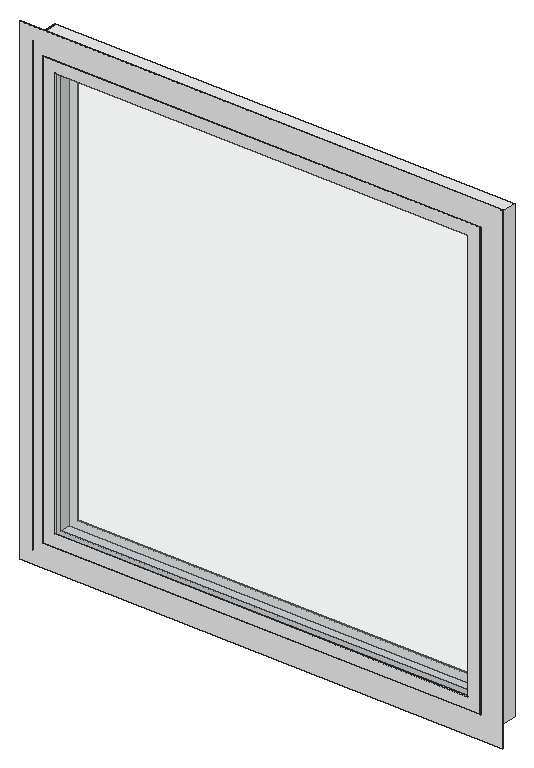
Revit family "Casement_28_A_Top_Hung_Standard", category Windows, host Wall, Revit 2014
Parameters (values of type "Casement_Sash_DG")
  Width Sash [instance] = 30 mm
  Width Sash Inner = 15 mm
  Width Bead = 15 mm
  Top Hung [instance] = yes
  Side Hung Right [instance] = yes
  Side Hung Left [instance] = yes
  Sash Opening Width [instance] = 600 mm
  Sash Opening Height [instance] = 600.312 mm
  Sash Lip = 15 mm
  Glazing Material [instance] = Glass
  DG Start Piece 2 [instance] = DG End Piece 1 + DG Gasket Thickness  # 25 mm
  DG Start Peice 1 [instance] = (Depth Sash - (2 * DG Glazing Thickness) - DG Gasket Thickness) / 2  # 6.6 mm
  Glazing Offset = 5 mm
  DG Glazing Thickness [instance] = 6.4 mm
  DG Gasket Thickness = 12 mm  # constant formula
  DG Gasket Material [instance] = none
  DG End Piece 2 [instance] = DG Start Piece 2 + DG Glazing Thickness  # 31.4 mm
  DG End Piece 1 [instance] = DG Start Peice 1 + DG Glazing Thickness  # 13 mm
  Depth Sash [instance] = 38 mm
  Center Vertical Sash [instance] = Sash Opening Height / 2  # 300.156 mm
  Center Horizontal Sash [instance] = Sash Opening Width / 2  # 300 mm
  Bottom Hung [instance] = yes
  Bead Offset = 15 mm
  Aluminium Thickness = 1 mm
  Aluminium Material [instance] = White Powder Coated Aluminium
Reference planes
  plane 1 "Center (Front/Back)": y = 0
  plane 2: z = 0
  plane 3 "Center (Left/Right)": x = 0
Forms (mm)
  Sweep 1, solid, material "White Powder Coated Aluminium" <- "Aluminium Material"
    path origin (16.177, 0, 121.331) x (1, 0, 0) y (0, 0, 1)
      loop
        line (0, 0) -> (600, 0) -> (600, 600.312) -> (0, 600.312) -> (0, 0)
    profile origin (316.177, 0, 121.331) x (0, 0, 1) y (0, -1, 0)
      loop
        line (0, 0) -> (30, 0) -> (30, 1) -> (15, 1) -> (15, 38) -> (-15, 38) -> (-15, 37) -> (0, 37) -> (0, 0)
      loop
        line (14, 1) -> (14, 37) -> (1, 37) -> (1, 1) -> (14, 1)
  Sweep 2, solid, material "White Powder Coated Aluminium" <- "Aluminium Material"
    path origin (0, 0, 0) x (1, 0, 0) y (0, 0, 1)
      loop
        line (31.177, 706.643) -> (31.177, 136.331) -> (601.177, 136.331) -> (601.177, 706.643) -> (31.177, 706.643)
    profile origin (316.177, 0, 706.643) x (0, 0, 1) y (0, -1, 0)
      loop
        line (0, 37) -> (0, 38) -> (-15, 38) -> (-15, 37) -> (0, 37)
  Extrusion 3, solid, material "Glass" <- "Glazing Material"
    sketch origin (0, 0, 0) x (1, 0, 0) y (0, 0, 1)
      loop
        line (36.177, 701.643) -> (36.177, 141.331) -> (596.177, 141.331) -> (596.177, 701.643) -> (36.177, 701.643)
    from 6.6 <- "DG Start Peice 1" to 13 <- "DG End Piece 1"
  Extrusion 4, solid, material "Glass" <- "Glazing Material"
    sketch origin (0, 0, 0) x (1, 0, 0) y (0, 0, 1)
      loop
        line (36.177, 701.643) -> (36.177, 141.331) -> (596.177, 141.331) -> (596.177, 701.643) -> (36.177, 701.643)
    from 31.4 <- "DG End Piece 2" to 25 <- "DG Start Piece 2"
  Sweep 5, solid, material <- "DG Gasket Material"
    path origin (0, -13, 0) x (1, 0, 0) y (0, 0, 1)
      loop
        line (36.177, 701.643) -> (36.177, 141.331) -> (596.177, 141.331) -> (596.177, 701.643) -> (36.177, 701.643)
    profile origin (316.177, -13, 701.643) x (0, 0, 1) y (0, -1, 0)
      loop
        line (0, 0) -> (0, 12) -> (-7.96, 12) -> (-7.96, 0) -> (0, 0)
Lines and regions (mm)
  model lines
    curve 1: line (1.177, -38, 736.643) -> (31.177, -38, 706.643)
    curve 2: line (601.177, -38, 706.643) -> (631.177, -38, 736.643)
    curve 3: line (601.177, -38, 136.331) -> (631.177, -38, 106.331)
    curve 4: line (1.177, -38, 106.331) -> (31.177, -38, 136.331)
    curve 5: line (631.177, -37, 736.643) -> (616.177, -37, 721.643)
    curve 6: line (1.177, -37, 736.643) -> (16.177, -37, 721.643)
    curve 7: line (1.177, -37, 106.331) -> (16.177, -37, 121.331)
    curve 8: line (631.177, -37, 106.331) -> (616.177, -37, 121.331)
    curve 9: line (616.177, 0, 121.331) -> (586.177, 0, 151.331)
    curve 10: line (46.177, 0, 151.331) -> (16.177, 0, 121.331)
    curve 11: line (616.177, 0, 721.643) -> (586.177, 0, 691.643)
    curve 12: line (46.177, 0, 691.643) -> (16.177, 0, 721.643)
    curve 13: line (31.177, -38, 691.643) -> (46.177, -38, 691.643)
    curve 14: line (586.177, -38, 691.643) -> (601.177, -38, 691.643)
    curve 15: line (586.177, -38, 151.331) -> (601.177, -38, 151.331)
    curve 16: line (31.177, -38, 151.331) -> (46.177, -38, 151.331)
  model lines, style "GenericModelHiddenLines", visible <- "Top Hung"
    curve 17: line (46.386, -31.4, 690.914) -> (316.177, -31.4, 151.331)
    curve 18: line (316.177, -31.4, 151.331) -> (586.177, -31.4, 691.331)
  model lines, style "GenericModelHiddenLines", visible <- "Bottom Hung"
    curve 19: line (46.177, -31.4, 151.331) -> (316.177, -31.4, 691.331)
    curve 20: line (316.177, -31.4, 691.331) -> (586.177, -31.4, 151.331)
  model lines, style "GenericModelHiddenLines", visible <- "Side Hung Left"
    curve 21: line (46.386, -31.4, 690.914) -> (585.24, -31.4, 421.487)
    curve 22: line (585.24, -31.4, 421.487) -> (46.177, -31.4, 151.331)
  model lines, style "GenericModelHiddenLines", visible <- "Side Hung Right"
    curve 23: line (586.177, -31.4, 691.331) -> (46.177, -31.4, 421.487)
    curve 24: line (46.177, -31.4, 421.487) -> (586.177, -31.4, 151.331)
Dimensions and locks
  "Aluminium Thickness": Sweep 1 sketch curve to Sweep 1 sketch curve  (x4)
  "Depth Sash": Sweep 1 sketch curve to Sweep 1 sketch curve
  "Sash Opening Width": Sweep 1 to Sweep 1
  "Sash Opening Height": Sweep 1 to Sweep 1
  "Width Sash": Sweep 1 sketch curve to Sweep 1 sketch curve  (x2)
  "Width Sash Inner": Sweep 1 sketch curve to Sweep 1 sketch curve
  "Sash Lip": Sweep 1 sketch curve to Sweep 1 sketch curve
  "Aluminium Thickness": Sweep 1 to Sweep 2 sketch curve
  "Glazing Offset": Sweep 2 to Extrusion 3 sketch curve  (x3)
  "Glazing Offset": Extrusion 3 sketch curve to Sweep 2
  Sweep 1 to Sweep 1 = 1 mm
  "Aluminium Thickness": Sweep 2 sketch curve to Sweep 2 sketch curve
  "Width Bead": Sweep 2 sketch curve to Sweep 2 sketch curve
  locked: Sweep 5 sketch curve to Sweep 5 sketch curve at 7.96
  "Center Horizontal Sash": Sweep 1 to curve 18
  "Center Horizontal Sash": Sweep 1 to curve 20
  "Center Vertical Sash": Sweep 1 to curve 22
  "Center Vertical Sash": Sweep 1 to curve 24
  aligned and locked: level to plane 2
  aligned and locked: Sweep 1 sketch curve to Sweep 1 sketch curve  (x2)
  aligned and locked: Sweep 2 sketch curve to Sweep 1  (x5)
  aligned and locked: Extrusion 4 sketch curve to Extrusion 3  (x4)
  aligned and locked: Sweep 5 sketch curve to Extrusion 3  (x5)
  aligned and locked: Extrusion 3 to Sweep 5 sketch curve
Automatic sketch dimensions
  plane 3 "Center (Left/Right)" to Sweep 1 sketch curve = 16.177 mm
  level to Sweep 1 sketch curve = 121.331 mm
  plane 3 "Center (Left/Right)" to Sweep 1 sketch curve = 616.177 mm
  level to Sweep 1 sketch curve = 721.643 mm
  profile plane to Sweep 5 sketch curve = 12 mm
  curve 7 to Sweep 1 = 0 mm  (x4)
  curve 6 to Sweep 1 = 0 mm  (x3)
  Sweep 1 to curve 6 = 0 mm
  curve 5 to Sweep 1 = 0 mm  (x3)
  curve 8 to Sweep 1 = 0 mm  (x4)
  Sweep 1 to curve 5 = 0 mm
  curve 16 to Sweep 2 = 0 mm  (x3)
  curve 13 to Sweep 2 = 0 mm  (x3)
  curve 15 to Sweep 2 = 0 mm
  Sweep 2 to curve 15 = 0 mm  (x2)
  curve 14 to Sweep 2 = 0 mm  (x2)
  Sweep 2 to curve 14 = 0 mm
  curve 1 to Sweep 1 = 0 mm  (x4)
  curve 4 to Sweep 1 = 0 mm  (x3)
  Sweep 1 to curve 4 = 0 mm
  curve 3 to Sweep 1 = 0 mm  (x3)
  curve 2 to Sweep 1 = 0 mm  (x4)
  Sweep 1 to curve 3 = 0 mm
  curve 10 to Sweep 1 = 0 mm  (x4)
  curve 12 to Sweep 1 = 0 mm  (x3)
  Sweep 1 to curve 12 = 0 mm
  curve 9 to Sweep 1 = 0 mm  (x4)
  curve 11 to Sweep 1 = 0 mm  (x3)
  Sweep 1 to curve 11 = 0 mm
  Sweep 1 sketch curve to plane 1 "Center (Front/Back)" = 0 mm
  profile plane to Sweep 1 sketch curve = 0 mm
  curve 21 to Extrusion 4 = 10.208 mm
  curve 19 to Extrusion 4 = 10 mm
  curve 23 to Extrusion 4 = 10 mm  (x2)
  curve 22 to Extrusion 4 = 10.937 mm
  curve 20 to Extrusion 4 = 10 mm
  curve 24 to Extrusion 4 = 10 mm
  curve 22 to Extrusion 4 = 10 mm
  curve 18 to Extrusion 4 = 10 mm
  curve 21 to Extrusion 4 = 10.729 mm
  curve 19 to Extrusion 4 = 10.312 mm
  curve 18 to Extrusion 4 = 10.312 mm
Types in the file's own list only (6): name | Windload Design | Width Sash Opening | Width Sash | Width Profile | Width | URL | Intruderprufe U Value | Intruderprufe SHGC Value | Intruderprufe LowE U Value | Intruderprufe LowE SHGC Value | Max Pane Area | Height | Energy Advantage U Value | Energy Advantage SHGC Value | Custom Window Width | Custom Window Height | Window Exterior Offset | Custom Windload | Sash Width | Sash Height | Single Glazing | Sash Spacing Inner | Sash Overlap | Sash Center Offset | SG Gasket Thickness | Offset Sash Left | Offset Sash 1 Top | Offset Bead SG Center Reversed | Model | Manufacturer | Limit Window Width Min | Limit Window Width Max | Limit Window Height Min | Limit Window Height Max | Limit Sash Width Min | Limit Sash Width Max | Limit Sash Height Min | Limit Sash Height Max | Height Sash 1 Opening | Height Sash | Description | Frame Center Offset | Depth Bead | Default Sill Height | Wall Closure | Offset Window Exterior | Clearvue U Value | Clearvue SHGC Value | Casement Dimension | Bottom Hung | Bead SG Gap | 4mm Clear Float
  28-0606T-1000Pa | 1000 mm | 545 mm | 514 mm | 30 mm | 590 mm | "http://www.crealco.co.za/crealco-products.php" | 6.09 | 0.475 | 4.56 | 0.486 | 0.20 m² | 590 mm | 4.9 | 0.478 | 590 mm | 590 mm | 0 mm | 1000 mm | 545 mm | 545 mm | Yes | 8 mm | 7 mm | 11 mm | 6 mm | 23 mm | 23 mm | 14 mm | "Casement 28" | "Crealco" | 346 mm | 946 mm | 346 mm | 646 mm | 300 mm | 900 mm | 300 mm | 600 mm | 545 mm | 514 mm | "Window 28mm, Type A top hung" | 14 mm | 14 mm | 800 mm | By host | 14 mm | 6.17 | 0.507 | 28 mm | No | 13 mm | Yes
  28-0906T-1000Pa | 1000 mm | 845 mm | 814 mm | 30 mm | 890 mm | "http://www.crealco.co.za/crealco-products.php" | 6.04 | 0.552 | 4.37 | 0.532 | 0.33 m² | 590 mm | 4.7 | 0.525 | 890 mm | 590 mm | 0 mm | 1000 mm | 845 mm | 545 mm | Yes | 8 mm | 7 mm | 11 mm | 6 mm | 23 mm | 23 mm | 14 mm | "Casement 28" | "Crealco" | 346 mm | 946 mm | 346 mm | 646 mm | 300 mm | 900 mm | 300 mm | 600 mm | 545 mm | 514 mm | "Window 28mm, Type A top hung" | 14 mm | 14 mm | 800 mm | By host | 14 mm | 6.13 | 0.557 | 28 mm | No | 13 mm | Yes
  28-0606T-1500Pa | 1500 mm | 545 mm | 514 mm | 30 mm | 590 mm | "http://www.crealco.co.za/crealco-products.php" | 6.09 | 0.475 | 4.56 | 0.486 | 0.20 m² | 590 mm | 4.9 | 0.478 | 590 mm | 590 mm | 0 mm | 1500 mm | 545 mm | 545 mm | Yes | 8 mm | 7 mm | 11 mm | 6 mm | 23 mm | 23 mm | 14 mm | "Casement 28" | "Crealco" | 346 mm | 946 mm | 346 mm | 646 mm | 300 mm | 900 mm | 300 mm | 600 mm | 545 mm | 514 mm | "Window 28mm, Type A top hung" | 14 mm | 14 mm | 800 mm | By host | 14 mm | 6.17 | 0.507 | 28 mm | No | 13 mm | Yes
  28-0606T-2000Pa | 2000 mm | 545 mm | 514 mm | 30 mm | 590 mm | "http://www.crealco.co.za/crealco-products.php" | 6.09 | 0.475 | 4.56 | 0.486 | 0.20 m² | 590 mm | 4.9 | 0.478 | 590 mm | 590 mm | 0 mm | 2000 mm | 545 mm | 545 mm | Yes | 8 mm | 7 mm | 11 mm | 6 mm | 23 mm | 23 mm | 14 mm | "Casement 28" | "Crealco" | 346 mm | 946 mm | 346 mm | 646 mm | 300 mm | 900 mm | 300 mm | 600 mm | 545 mm | 514 mm | "Window 28mm, Type A top hung" | 14 mm | 14 mm | 800 mm | By host | 14 mm | 6.17 | 0.507 | 28 mm | No | 13 mm | Yes
  28-0906T-1500Pa | 1500 mm | 845 mm | 814 mm | 30 mm | 890 mm | "http://www.crealco.co.za/crealco-products.php" | 6.04 | 0.552 | 4.37 | 0.532 | 0.33 m² | 590 mm | 4.7 | 0.525 | 890 mm | 590 mm | 0 mm | 1500 mm | 845 mm | 545 mm | Yes | 8 mm | 7 mm | 11 mm | 6 mm | 23 mm | 23 mm | 14 mm | "Casement 28" | "Crealco" | 346 mm | 946 mm | 346 mm | 646 mm | 300 mm | 900 mm | 300 mm | 600 mm | 545 mm | 514 mm | "Window 28mm, Type A top hung" | 14 mm | 14 mm | 800 mm | By host | 14 mm | 6.13 | 0.557 | 28 mm | No | 13 mm | Yes
  28-0906T-2000Pa | 2000 mm | 845 mm | 814 mm | 30 mm | 890 mm | "http://www.crealco.co.za/crealco-products.php" | 6.04 | 0.552 | 4.37 | 0.532 | 0.33 m² | 590 mm | 4.7 | 0.525 | 890 mm | 590 mm | 0 mm | 2000 mm | 845 mm | 545 mm | Yes | 8 mm | 7 mm | 11 mm | 6 mm | 23 mm | 23 mm | 14 mm | "Casement 28" | "Crealco" | 346 mm | 946 mm | 346 mm | 646 mm | 300 mm | 900 mm | 300 mm | 600 mm | 545 mm | 514 mm | "Window 28mm, Type A top hung" | 14 mm | 14 mm | 800 mm | By host | 14 mm | 6.13 | 0.557 | 28 mm | No | 13 mm | Yes
